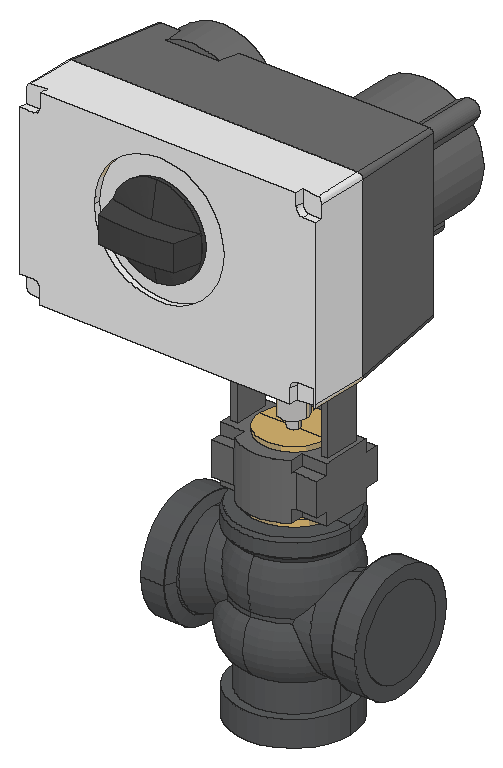
Revit family "VRG3_DN15-50_External_AMV(E) 438 SU_RFA_1", category Pipe Accessories, Revit 2019
Family settings
  Round Connector Dimension = Use Diameter
  Part Type = Valve - Breaks Into
  OmniClass Number = 23.65.55.14.17
  OmniClass Title = Adjusting/Controlling Valves for Liquid Services
  Work Plane-Based = No
  Always vertical = Yes
  Cut with Voids When Loaded = No
  Shared = No
Parameters (values of type "VRG3_DN32_External_Kvs16_065Z0118")
  W2A = 24 mm
  W = 137.6 mm  # constant formula
  Voltage = if(Actuator Type = [082H0123], 230 V, 24 V)  # 24 V
  RB2 = 29.8 mm
  RB1 = 25 mm
  R3_2 = 30 mm
  R1 = 29 mm
  R2 = 25 mm
  Power = if(Actuator Type = [082H0121], 14 VA, 12 VA)  # 12 VA
  L = 112 mm
  Hmain = 94.8 mm
  Ha = 225.5 mm
  H_5 = -18 mm
  Min Medium Temperature = "-10°C"  # constant formula
  Max Medium Temperature = "130°C"  # constant formula
  H_T2 = 5.5 mm
  H_T1 = 7 mm
  H_4 = 31 mm
  Weight = 1.82 kg
  W3B = 13 mm
  W3A = 10 mm
  W2 = 20 mm
  W1 = 28 mm
  Valve Body Material = Danfoss Cast Iron
  V1 = if(and(LOD 350, D > 32 mm), 1 = 1, 1 = 0)  # no
  URL = "https://store.danfoss.com/en/Climate-Solutions-for-heating/Motorised-Control-Valves-/Globe-Valves/Valves-for-Heating-and-Cooling/c/4105?q=%3Arelevance%3Adanfoss_a50461501115_fts%3ATA6_1501121%3Adanfoss_producttypehierarchydesc%3Afc3b1e427963a1d6e10ba9bf18226cf783d06cba&page=0&pageSize=10"
  H_6 = 9 mm
  L1 = 12 mm
  HB2 = 57.5 mm
  HB1 = 12 mm
  Stroke = "10 mm"
  R7 = 2.1 mm
  R4 = 3 mm
  R6 = 10.5 mm
  R5 = 12.5 mm
  R3 = 29 mm
  R_Flow Pipe = 23 mm
  Pressure Drop [instance] = 0.0 bar
  Nominal Pressure = "PN 16"  # constant formula
  NT = 11.25 mm
  Model Type = "VRG3_DN32_External_Kvs16"
  Model = "065Z0118"
  Manufacturer = "Danfoss"
  LOD 350 = not(LOD 200)  # yes
  LOD 200 = no
  LL = 56 mm
  Kvs = 16.0 m³/h
  IfcExportType = "VRG3"  # constant formula
  IfcExportAs = "IfcValveType"  # constant formula
  H_Body Bottom = 32 mm
  HT_Flow pipe = 6 mm
  H_2_ve = -H_2  # -23.5 mm
  H_2 = 23.5 mm
  H_Body Top = 30 mm
  HB_Flow Pipe = 6 mm
  H_3 = 25.5 mm
  H1 = HB2  # 57.5 mm
  H_1 = 41 mm
  H = Ha + H1  # 283 mm
  Flow [instance] = 0.0 m³/h
  Description = "Motorized Control Valve"  # constant formula
  D1 = 60 mm
  D4 = 48 mm
  D3 = 39.6 mm
  D2 = 33.6 mm
  D = 32 mm
  Connection = "External Thread"  # constant formula
  NT2 = 14.289 mm
  NT1 = NT * cos(30.00°)  # 9.743 mm
  Adapter Type = Adapter_AMV(E) 15(25)(35)_RFA : Adapter_AMV(E) 15(25)(35)_DN15-50_065Z0311
  Actuator Type = AMV(E) 438 SU_RFA : AMV 438 SU_24V_082H0122
  A2_Flow Pipe = 160.00°
  A1_Flow pipe = 160.00°
  082H0123 = AMV(E) 438 SU_RFA : AMV 438 SU_230V_082H0123
  082H0121 = AMV(E) 438 SU_RFA : AME 438 SU_24V_082H0121
Reference planes
  plane 1 "Center (Front/Back)": y = 0
  plane 2 "XYPLANE": z = 0
  plane 3 "Center (Left/Right)": x = 0
  plane 4 "429": x = 42
  plane 5 "428": x = 44
  plane 6 "382": z = 30
  plane 7 "373": z = 0
  plane 8 "351": y = 14.5
  plane 9 "350": y = -14.5
  plane 10 "346": y = 8.5
  plane 11 "345": y = 11.5
  plane 12 "344": y = 17.5
  plane 13 "343": y = 19
  plane 14 "342": y = -8.5
  plane 15 "341": y = -11.5
  plane 16 "340": y = -17.5
  plane 17 "339": y = -19
  plane 18 "311": z = 92
  plane 19 "308": z = 90
  plane 20 "305": z = 64.5
  plane 21 "301": z = 59
  plane 22 "299": z = 57
  plane 23 "296": z = 54
  plane 24 "293": z = 51
  plane 25 "290": z = 48
  plane 26 "285": z = 27
  plane 27 "283": z = 94.8
  plane 28 "280": z = 64.5
  plane 29 "277": z = 31
  plane 30 "270": z = 39
  plane 31 "268": x = -29
  plane 32 "232": z = 32
  plane 33 "183": y = -0.2
  plane 34 "88": y = -20
  plane 35 "77": y = 20
  plane 36 "73": x = -44
  plane 37 "59": z = 41
  plane 38 "17": z = 27.5
  plane 39 "14": x = 56
  plane 40 "13": x = -56
  plane 41 "4": x = 0
  plane 42 "3": y = 0
  plane 43 "1": z = 0
  plane 44: x = -42
  plane 45: z = 24
  plane 46: z = -24
  plane 47: z = -32
  plane 48: z = -44
  plane 49: z = -57.5
  plane 50: y = -66.1
  plane 51: y = 71.5
  plane 52: z = 225.5
Forms (mm)
  Blend 1, solid, material "Danfoss Cast Iron" <- "Valve Body Material", visible <- "LOD 350", detail levels fine
    base sketch origin (42, -750, 0) x (0, 1, 0) y (0, 0, 1)
      loop
        circle (750, 0) r 24
    top sketch origin (42, -750, 0) x (0, 1, 0) y (0, 0, 1)
      loop
        circle (750, 0) r 30
    from 0 to 2
  Blend 2, solid, material "Danfoss Cast Iron" <- "Valve Body Material", visible <- "LOD 350", detail levels fine
    base sketch origin (-44, -750, 0) x (0, 1, 0) y (0, 0, 1)
      loop
        circle (750, 0) r 30
    top sketch origin (-44, -750, 0) x (0, 1, 0) y (0, 0, 1)
      loop
        circle (750, 0) r 24
    from 0 to 2
  Extrusion 3, solid, material "Danfoss Brass", visible <- "V1", detail levels fine
    sketch origin (-750, 0, 41) x (1, 0, 0) y (0, 1, 0)
      loop
        line (766.5, 0) -> (758.25, 14.289) -> (741.75, 14.289) -> (733.5, 0) -> (741.75, -14.289) -> (758.25, -14.289) -> (766.5, 0)
    from 0 to 5
  Blend 4, solid, material "Danfoss Stainless Steel AISI 304 / AISI 316L", detail levels fine
    base sketch origin (-750, 0, 92) x (1, 0, 0) y (0, 1, 0)
      loop
        circle (750, 0) r 3
    top sketch origin (-750, 0, 92) x (1, 0, 0) y (0, 1, 0)
      loop
        circle (750, 0) r 2.1
    from 0 to 2.8
  Extrusion 5, solid, material "Danfoss Stainless Steel AISI 304 / AISI 316L", detail levels fine
    sketch origin (-750, 0, 90) x (1, 0, 0) y (0, 1, 0)
      loop
        circle (750, 0) r 2.1
    from 0 to 2
  Extrusion 6, solid, material "Danfoss Stainless Steel AISI 304 / AISI 316L", detail levels fine
    sketch origin (-750, 0, 64.5) x (1, 0, 0) y (0, 1, 0)
      loop
        circle (750, 0) r 3
    from 0 to 25.5 <- "H_3"
  Extrusion 7, solid, material "Danfoss Brass", visible <- "LOD 350", detail levels fine
    sketch origin (-750, 0, 59) x (1, 0, 0) y (0, 1, 0)
      loop
        line (761.25, 0) -> (755.625, 9.743) -> (744.375, 9.743) -> (738.75, 0) -> (744.375, -9.743) -> (755.625, -9.743) -> (761.25, 0)
    from 0 to 5.5 <- "H_T2"
  Extrusion 8, solid, material "Danfoss Brass", visible <- "LOD 350", detail levels fine
    sketch origin (-750, 0, 57) x (1, 0, 0) y (0, 1, 0)
      loop
        circle (750, 0) r 12.5
    from 0 to 2
  Extrusion 9, solid, material "Danfoss Brass", visible <- "LOD 350", detail levels fine
    sketch origin (-750, 0, 54) x (1, 0, 0) y (0, 1, 0)
      loop
        circle (750, 0) r 10.5
    from 0 to 3
  Extrusion 10, solid, material "Danfoss Brass", visible <- "LOD 350", detail levels fine
    sketch origin (-750, 0, 51) x (1, 0, 0) y (0, 1, 0)
      loop
        circle (750, 0) r 12.5
    from 0 to 3
  Extrusion 11, solid, material "Danfoss Brass", visible <- "LOD 350", detail levels fine
    sketch origin (-750, 0, 48) x (1, 0, 0) y (0, 1, 0)
      loop
        circle (750, 0) r 10.5
    from 0 to 3
  Extrusion 12, solid, material "Danfoss Brass", visible <- "LOD 350", detail levels fine
    sketch origin (-750, 0, 41) x (1, 0, 0) y (0, 1, 0)
      loop
        circle (750, 0) r 12.5
    from 0 to 7 <- "H_T1"
  Extrusion 13, solid, material "Danfoss Brass", visible <- "LOD 200", detail levels fine
    sketch origin (-750, 0, 64.5) x (1, 0, 0) y (0, 1, 0)
      loop
        circle (750, 0) r 12.5
    from 0 to -23.5 <- "H_2_ve"
  Revolve 14, solid, material "Danfoss Cast Iron" <- "Valve Body Material", visible <- "LOD 350", detail levels fine
    sketch origin (-16.5, 0, 31) x (0, 0, 1) y (1, 0, 0)
      loop
        line (10, 16.5) -> (0, 16.5) -> (0, -12.5) -> (1, -13.5) -> (8, -13.5) -> (10, -12.5) -> (10, 16.5)
      axis (10, 16.5) -> (0, 16.5)
    angle from 0 to -360
  Extrusion 15, solid, material "Danfoss Cast Iron" <- "Valve Body Material", visible <- "LOD 200", detail levels fine
    sketch origin (-44, -750, 0) x (0, 1, 0) y (0, 0, 1)
      loop
        circle (750, 0) r 24
    from 0 to 88
  Revolve 16, solid, material "Danfoss Cast Iron" <- "Valve Body Material", detail levels fine
    sketch origin (0, -0.2, 18.55) x (0, -1, 0) y (0, 0, 1)
      loop
        line (-0.2, 11.45) -> (-0.2, -50.55) -> (19.8, -50.55)
        arc (19.8, -50.55) -> (32.202, -36.65) -> (27.8, -18.55) r 20.034
        line (27.8, -18.55) -> (27.8, -16.334)
        arc (27.8, -16.334) -> (29.513, -1.907) -> (23.8, 11.45) r 28.131
        line (23.8, 11.45) -> (-0.2, 11.45)
      axis (-0.2, -50.55) -> (-0.2, 11.45)
    angle from 0 to -360
  Extrusion 17, solid, material "Danfoss Cast Iron" <- "Valve Body Material", detail levels fine
    sketch origin (56, -750, 0) x (0, 1, 0) y (0, 0, 1)
      loop
        circle (750, 0) r 30
    from 0 to -12
  Extrusion 18, solid, material "Danfoss Cast Iron" <- "Valve Body Material", detail levels fine
    sketch origin (-56, -750, 0) x (0, 1, 0) y (0, 0, 1)
      loop
        circle (750, 0) r 30
    from 0 to 12
  Sweep 19, solid, material "Danfoss Cast Iron" <- "Valve Body Material", visible <- "LOD 350", detail levels fine
    path origin (-16.5, 0, 31) x (0, 0, 1) y (1, 0, 0)
      loop
        line (-31, -39.5) -> (-31, -27.5) -> (-25, -11.015) -> (-25, 16.5)
    profile origin (-50, 0, 0) x (0, 0, -1) y (0, 1, 0)
      loop
        circle (0, 0) r 23
  Sweep 20, solid, material "Danfoss Cast Iron" <- "Valve Body Material", visible <- "LOD 350", detail levels fine
    path origin (-16.5, 0, 31) x (0, 0, 1) y (1, 0, 0)
      loop
        line (-31, 72.5) -> (-31, 60.5) -> (-37, 44.015) -> (-37, 16.5)
    profile origin (50, 0, 0) x (0, 0, 1) y (0, 1, 0)
      loop
        circle (0, 0) r 23
  Blend 21, solid, material "Danfoss Cast Iron" <- "Valve Body Material", visible <- "LOD 350", detail levels fine
    base sketch origin (0, 0, 0) x (1, 0, 0) y (0, 1, 0)
      loop
        circle (0, 0) r 25
    top sketch origin (0, 0, 0) x (1, 0, 0) y (0, 1, 0)
      loop
        circle (0, 0) r 29
    from 27 to 31
  Extrusion 22, solid, material "Danfoss Cast Iron" <- "Valve Body Material", visible <- "LOD 200", detail levels fine
    sketch origin (0, 0, 0) x (1, 0, 0) y (0, 1, 0)
      loop
        circle (0, 0) r 30
    from 24 to 41
  Extrusion 23, solid, material "Danfoss Cast Iron", detail levels fine
    sketch origin (0, 0, 0) x (1, 0, 0) y (0, 1, 0)
      loop
        circle (0, 0) r 25
    from -24 to -44
  Extrusion 24, solid, material "Danfoss Cast Iron", detail levels fine
    sketch origin (0, 0, 0) x (1, 0, 0) y (0, 1, 0)
      loop
        circle (0, 0) r 29.8
    from -44 to -57.5
  Extrusion 25, solid, material "Danfoss Cast Iron", detail levels fine
    sketch origin (0, 0, 0) x (1, 0, 0) y (0, 1, 0)
      loop
        circle (0, 0) r 25
    from 27 to 0
Lines and regions (mm)
  reference lines, not visible
    curve 1: circle (2, 2, 0) r 1 normal (0, 0, 1)
  reference lines, visible <- "LOD 350"
    curve 2: line (0, 0, 41) -> (-4.125, 7.145, 41)
    curve 3: line (0, 0, 41) -> (-8.25, 0, 41)
    curve 4: line (0, 0, 41) -> (-4.125, -7.145, 41)
    curve 5: line (0, 0, 59) -> (-2.813, 4.871, 59)
    curve 6: line (0, 0, 59) -> (-5.625, 0, 59)
    curve 7: line (0, 0, 59) -> (-2.812, -4.871, 59)
Dimensions and locks
  plane 1 "Center (Front/Back)" to curve 1 = 2 mm
  locked: plane 5 "428" to plane 4 "429" at 2
  "L1": plane 39 "14" to plane 5 "428"
  locked: plane 12 "344" to plane 8 "351" at 3
  locked: plane 16 "340" to plane 9 "350" at 3
  locked: plane 11 "345" to plane 10 "346" at 3
  locked: plane 8 "351" to plane 11 "345" at 3
  locked: plane 13 "343" to plane 12 "344" at 1.5
  locked: plane 35 "77" to plane 13 "343" at 1
  locked: plane 15 "341" to plane 14 "342" at 3
  locked: plane 9 "350" to plane 15 "341" at 3
  locked: plane 17 "339" to plane 16 "340" at 1.5
  locked: plane 34 "88" to plane 17 "339" at 1
  locked: plane 19 "308" to plane 18 "311" at 2
  "H_3": plane 20 "305" to plane 19 "308"
  "H_T2": plane 21 "301" to plane 20 "305"
  locked: plane 22 "299" to plane 21 "301" at 2
  locked: plane 23 "296" to plane 22 "299" at 3
  locked: plane 24 "293" to plane 23 "296" at 3
  locked: plane 25 "290" to plane 24 "293" at 3
  "H_T1": plane 37 "59" to plane 25 "290"
  locked: plane 29 "277" to plane 26 "285" at 4
  "H_2": plane 37 "59" to plane 28 "280"
  locked: plane 37 "59" to plane 30 "270" at 2
  "R3": plane 41 "4" to plane 31 "268"
  "H_6": plane 37 "59" to plane 32 "232"
  locked: plane 42 "3" to plane 33 "183" at 0.2
  "W2": plane 42 "3" to plane 34 "88"
  "W2": plane 42 "3" to plane 35 "77"
  "L1": plane 40 "13" to plane 36 "73"
  "H_1": plane 43 "1" to plane 37 "59"
  "LL": plane 41 "4" to plane 39 "14"
  "LL": plane 41 "4" to plane 40 "13"
  locked: plane 3 "Center (Left/Right)" to plane 41 "4"
  locked: plane 1 "Center (Front/Back)" to plane 42 "3"
  locked: plane 2 "XYPLANE" to plane 43 "1"
  "NT2": curve 2 to Extrusion 3 sketch curve  (x2)
  "NT2": curve 3 to Extrusion 3 sketch curve  (x2)
  "NT2": curve 4 to Extrusion 3 sketch curve  (x2)
  Extrusion 3 sketch curve to Extrusion 3 sketch curve = 0 mm  (x12)
  "NT1": curve 5 to Extrusion 7 sketch curve  (x2)
  "NT1": curve 6 to Extrusion 7 sketch curve  (x2)
  "NT1": curve 7 to Extrusion 7 sketch curve  (x2)
  Extrusion 7 sketch curve to Extrusion 7 sketch curve = 0 mm  (x12)
  Revolve 14 sketch curve to Revolve 14 sketch curve = 0 mm  (x6)
  "H_4": plane 29 "277" to level
  Revolve 16 sketch curve to Revolve 16 sketch curve = 2.216 mm
  "H_Body Top": plane 6 "382" to level
  "W1": plane 1 "Center (Front/Back)" to Revolve 16 sketch curve
  plane 39 "14" to plane 40 "13" = 112 mm
  "W3B": plane 34 "88" to Revolve 16 sketch curve
  "H_Body Bottom": level to Revolve 16 sketch curve
  locked: plane 36 "73" to plane 44 at 2
  plane 13 "343" to plane 17 "339" = 38 mm
  "HT_Flow pipe": Sweep 19 sketch curve to Sweep 19 sketch curve
  "HB_Flow Pipe": Sweep 20 sketch curve to Sweep 20 sketch curve
  Revolve 14 sketch curve to plane 31 "268" = 0 mm
  "W2A": plane 1 "Center (Front/Back)" to Revolve 16 sketch curve
  "W3A": plane 34 "88" to Revolve 16 sketch curve
  equal spacing: plane 45, level, plane 46
  "D4": plane 45 to plane 46
  "H_Body Bottom": level to plane 47
  "HB1": plane 47 to plane 48
  "HB2": level to plane 49
  plane 1 "Center (Front/Back)" to Revolve 16 sketch curve = 33 mm
  locked: nested 2 to plane 37 "59" at 1.3
  locked: nested 3 to plane 37 "59" at 4.5
  locked: plane 50 to plane 1 "Center (Front/Back)" at 66.1
  "W": plane 50 to plane 51
  "H": plane 52 to plane 49
  "Hmain": plane 27 "283" to level
  "Ha": plane 52 to plane 43 "1"
  "D1": diameter of Blend 1 sketch curve
  "D4": diameter of Blend 1 sketch curve
  "D4": diameter of Blend 2 sketch curve
  "D1": diameter of Blend 2 sketch curve
  "R7": radius of Blend 4 sketch curve
  "R4": radius of Blend 4 sketch curve
  "R7": radius of Extrusion 5 sketch curve
  "R4": radius of Extrusion 6 sketch curve
  "R5": radius of Extrusion 8 sketch curve
  "R6": radius of Extrusion 9 sketch curve
  "R5": radius of Extrusion 10 sketch curve
  "R6": radius of Extrusion 11 sketch curve
  "R5": radius of Extrusion 12 sketch curve
  "R5": radius of Extrusion 13 sketch curve
  "D4": diameter of Extrusion 15 sketch curve
  "D1": diameter of Extrusion 17 sketch curve
  "D1": diameter of Extrusion 18 sketch curve
  "R_Flow Pipe": radius of Sweep 19 sketch curve
  "R_Flow Pipe": radius of Sweep 20 sketch curve
  "R2": radius of Blend 21 sketch curve
  "R1": radius of Blend 21 sketch curve
  "R3_2": radius of Extrusion 22 sketch curve
  "RB1": radius of Extrusion 23 sketch curve
  "RB2": radius of Extrusion 24 sketch curve
  "R2": radius of Extrusion 25 sketch curve
  locked: curve 3 to curve 2 (angle 60.00°)
  locked: curve 4 to curve 3 (angle 60.00°)
  locked: curve 4 to curve 2 (angle 120.00°)
  locked: curve 6 to curve 5 (angle 60.00°)
  locked: curve 7 to curve 6 (angle 60.00°)
  locked: curve 7 to curve 5 (angle 120.00°)
  "A1_Flow pipe": angle Sweep 19 sketch curve to level
  "A2_Flow Pipe": angle Sweep 20 sketch curve to level
  aligned and locked: level to plane 2 "XYPLANE"
  aligned and locked: Blend 1 sketch curve to plane 42 "3"  (x2)
  aligned and locked: plane 43 "1" to Blend 1 sketch curve  (x2)
  aligned and locked: plane 5 "428" to Blend 1
  aligned and locked: Blend 2 sketch curve to plane 42 "3"  (x2)
  aligned and locked: plane 43 "1" to Blend 2 sketch curve  (x2)
  aligned and locked: plane 41 "4" to curve 4
  aligned and locked: plane 42 "3" to curve 4
  aligned and locked: plane 41 "4" to Blend 4 sketch curve  (x2)
  aligned and locked: plane 42 "3" to Blend 4 sketch curve  (x2)
  aligned and locked: plane 27 "283" to Blend 4
  aligned and locked: plane 41 "4" to Extrusion 5 sketch curve
  aligned and locked: plane 42 "3" to Extrusion 5 sketch curve
  aligned and locked: plane 41 "4" to Extrusion 6 sketch curve
  aligned and locked: plane 42 "3" to Extrusion 6 sketch curve
  aligned and locked: plane 41 "4" to curve 7
  aligned and locked: plane 42 "3" to curve 7
  aligned and locked: plane 41 "4" to Extrusion 8 sketch curve
  aligned and locked: plane 42 "3" to Extrusion 8 sketch curve
  aligned and locked: plane 41 "4" to Extrusion 9 sketch curve
  aligned and locked: plane 42 "3" to Extrusion 9 sketch curve
  aligned and locked: plane 41 "4" to Extrusion 10 sketch curve
  aligned and locked: plane 42 "3" to Extrusion 10 sketch curve
  aligned and locked: plane 41 "4" to Extrusion 11 sketch curve
  aligned and locked: plane 42 "3" to Extrusion 11 sketch curve
  aligned and locked: plane 41 "4" to Extrusion 12 sketch curve
  aligned and locked: plane 42 "3" to Extrusion 12 sketch curve
  aligned and locked: plane 41 "4" to Extrusion 13 sketch curve
  aligned and locked: plane 42 "3" to Extrusion 13 sketch curve
  aligned and locked: plane 37 "59" to Revolve 14 sketch curve  (x2)
  aligned and locked: plane 31 "268" to Revolve 14 sketch curve
  aligned and locked: plane 30 "270" to Revolve 14 sketch curve
  aligned and locked: plane 32 "232" to Revolve 14 sketch curve
  aligned and locked: plane 29 "277" to Revolve 14 sketch curve  (x2)
  aligned and locked: Extrusion 15 sketch curve to plane 42 "3"
  aligned and locked: plane 43 "1" to Extrusion 15 sketch curve
  aligned and locked: Revolve 16 sketch curve to plane 34 "88"
  aligned and locked: plane 43 "1" to Revolve 16 sketch curve
  aligned and locked: Extrusion 17 sketch curve to plane 42 "3"
  aligned and locked: plane 43 "1" to Extrusion 17 sketch curve
  aligned and locked: Extrusion 18 sketch curve to plane 42 "3"
  aligned and locked: plane 43 "1" to Extrusion 18 sketch curve
  aligned and locked: plane 6 "382" to Revolve 16 sketch curve
  aligned and locked: Sweep 19 sketch curve to level
  aligned and locked: level to Sweep 19 sketch curve
  aligned and locked: plane 1 "Center (Front/Back)" to Sweep 19 sketch curve
  aligned and locked: level to Sweep 20 sketch curve  (x2)
  aligned and locked: plane 1 "Center (Front/Back)" to Sweep 20 sketch curve
  aligned and locked: plane 20 "305" to Extrusion 13
  aligned and locked: plane 3 "Center (Left/Right)" to Revolve 14 sketch curve
  aligned and locked: Revolve 14 sketch curve to Revolve 14 sketch curve
  aligned and locked: Extrusion 17 to plane 5 "428"
  aligned and locked: plane 36 "73" to Extrusion 18
  aligned and locked: plane 3 "Center (Left/Right)" to Blend 21 sketch curve
  aligned and locked: plane 42 "3" to Blend 21 sketch curve  (x2)
  aligned and locked: plane 41 "4" to Blend 21 sketch curve
  aligned and locked: Blend 21 to plane 26 "285"
  aligned and locked: plane 41 "4" to Extrusion 22 sketch curve
  aligned and locked: plane 42 "3" to Extrusion 22 sketch curve
  aligned and locked: plane 37 "59" to Extrusion 22
  aligned and locked: plane 29 "277" to Blend 21
  aligned and locked: Extrusion 15 to plane 5 "428"
  aligned and locked: Extrusion 22 to plane 45
  aligned and locked: plane 41 "4" to Extrusion 23 sketch curve
  aligned and locked: plane 1 "Center (Front/Back)" to Extrusion 23 sketch curve
  aligned and locked: plane 46 to Extrusion 23
  aligned and locked: Extrusion 23 to plane 48
  aligned and locked: plane 3 "Center (Left/Right)" to Extrusion 24 sketch curve
  aligned and locked: plane 1 "Center (Front/Back)" to Extrusion 24 sketch curve
  aligned and locked: Extrusion 24 to plane 49
  aligned and locked: plane 48 to Extrusion 24
  aligned and locked: plane 1 "Center (Front/Back)" to Extrusion 25 sketch curve
  aligned and locked: plane 3 "Center (Left/Right)" to Extrusion 25 sketch curve
  aligned and locked: Extrusion 25 to level
  aligned and locked: plane 26 "285" to Extrusion 25
  aligned and locked: nested 1 to plane 40 "13"
  aligned and locked: plane 1 "Center (Front/Back)" to nested 1
  aligned and locked: plane 3 "Center (Left/Right)" to nested 1
  aligned and locked: Revolve 16 sketch curve to plane 1 "Center (Front/Back)"
  aligned and locked: plane 3 "Center (Left/Right)" to nested 2
  aligned and locked: plane 1 "Center (Front/Back)" to nested 2
  aligned and locked: plane 41 "4" to nested 3
  aligned and locked: plane 1 "Center (Front/Back)" to nested 3
Automatic sketch dimensions
  plane 3 "Center (Left/Right)" to curve 1 = 2 mm
  Revolve 14 sketch curve to plane 31 "268" = 1 mm
  Revolve 14 sketch curve to plane 37 "59" = 0 mm
  Revolve 16 sketch curve to plane 1 "Center (Front/Back)" = 0 mm
  Revolve 16 sketch curve to plane 49 = 159 mm
  plane 52 to Revolve 16 sketch curve = 35 mm
  Sweep 19 sketch curve to plane 40 "13" = 0 mm
  Sweep 19 sketch curve to plane 36 "73" = 0 mm
  Sweep 19 sketch curve to plane 3 "Center (Left/Right)" = 0 mm
  Sweep 20 sketch curve to plane 3 "Center (Left/Right)" = 0 mm
  Sweep 20 sketch curve to plane 5 "428" = 0 mm
  Sweep 20 sketch curve to plane 39 "14" = 0 mm
  radius of curve 1 = 1 mm
Nested families
  nested 1: "Schematic_3-Way Valve" at (0, 0, 0), type "Schematic_3-Way Valve", detail levels coarse+medium
    with L_1 37.333 mm, L 112 mm, H1 57.5 mm, H 112 mm, D1 60 mm
  nested 2: "Adapter_AMV(E) 15(25)(35)_RFA" at (0, 0, 42.3), type <- "Adapter Type", type "Adapter_AMV(E) 15(25)(35)_DN15-50_065Z0311", detail levels fine
  nested 3: "AMV(E) 438 SU_RFA" at (0, 0, 45.5), LOD 200 <- "LOD 200", type <- "Actuator Type", Power <- "Power", Voltage <- "Voltage", type "AMV 438 SU_24V_082H0122", detail levels fine
    with Voltage 24 V, Power 12 VA, LOD 350 yes, LOD 200 no
Connectors
  piping at (56, 0, 0), diameter 32, driven by "D", driven by "Flow"
    settings: on Sweep 20, index 4, connector inside diameter 609.6 mm, connector length 0 mm, flow factor 0, pipe flow 0.0 m³/h, pressure drop 0.0 bar, fitting loss kfactor 0, connector angle 0.00°, fixture units 0, engagement length 0 mm, angle of deflection 0.00°, flow configuration 0, flow direction 0, fitting loss method 0, system type 29, joint type 0, gender type 0, connector reference index 5, connector utility 0, adjustable connector no, is connector primary no, connector description ""
  piping at (-56, 0, 0), diameter 32, driven by "D", driven by "Flow"
    settings: on Sweep 19, index 5, connector inside diameter 609.6 mm, connector length 0 mm, flow factor 0, pipe flow 0.0 m³/h, pressure drop 0.0 bar, fitting loss kfactor 0, connector angle 0.00°, fixture units 0, engagement length 0 mm, angle of deflection 0.00°, flow configuration 0, flow direction 0, fitting loss method 0, system type 29, joint type 0, gender type 0, connector reference index 4, connector utility 0, adjustable connector no, is connector primary yes, connector description ""
  piping at (0, 0, -57.5), diameter 32, driven by "Flow", driven by "D"
    settings: on Extrusion 24, index 6, connector inside diameter 609.6 mm, connector length 0 mm, flow factor 0, pipe flow 0.0 m³/h, pressure drop 0.0 bar, fitting loss kfactor 0, connector angle 0.00°, fixture units 0, engagement length 0 mm, angle of deflection 0.00°, flow configuration 0, flow direction 0, fitting loss method 0, system type 29, joint type 0, gender type 0, connector reference index -1, connector utility 0, adjustable connector no, is connector primary no, connector description ""
  electrical at (0, 0, 0), driven by "Voltage", driven by "Power"
    settings: index 18, voltage 24 V, apparent load 0 VA, apparent load phase1 12 VA, apparent load phase2 0 VA, apparent load phase3 0 VA, power factor 0.95, load classification "HVAC", number of poles 1, system type 31, power factor state 1, is connector primary yes, connector utility no, sub classification motor no, connector description ""
Definition of nested family "Adapter_AMV(E) 15(25)(35)_RFA"
  Parameters (values of type "Adapter_AMV(E) 25_DN40-100_003Z0694")
    W = 45 mm
    URL = "https://store.danfoss.com/en/Climate-Solutions-for-heating/Hydronic-Balancing-and-Control/Pressure-independent-balancing-and-control/Pressure-Independent-Control-Valves-%28PICV%29/AB-QM-Accessories/Adapter-AMV-E-25-DN-40---100/p/003Z0694"
    Model Type = "Adapter_AMV(E) 25_DN40-100"
    Model = "003Z0694"
    Manufacturer = "Danfoss"  # constant formula
    L = 45 mm
    IfcExportType = "Adapter"  # constant formula
    IfcExportAs = "IfcValveType"  # constant formula
    H2 = 20 mm
    H1 = 20 mm
    H = 54.7 mm
    Description = "Adapter"  # constant formula
  Types (2, lengths in mm): name | URL | Model Type | Model | H2 | H1 | H
    Adapter_AMV(E) 25_DN40-100_003Z0694 | "https://store.danfoss.com/en/Climate-Solutions-for-heating/Hydronic-Balancing-and-Control/Pressure-independent-balancing-and-control/Pressure-Independent-Control-Valves-%28PICV%29/AB-QM-Accessories/Adapter-AMV-E-25-DN-40---100/p/003Z0694" | "Adapter_AMV(E) 25_DN40-100" | "003Z0694" | 20 | 20 | 54.7
    Adapter_AMV(E) 15(25)(35)_DN15-50_065Z0311 | "https://store.danfoss.com/en/Climate-Solutions-for-heating/Motorised-Control-Valves/Actuators-for-Globe-Valves/Accessories-for-actuators/AdapAMx15-16-25-35-VRB-G%2CVF-L2009dn15-50/p/065Z0311" | "Adapter_AMV(E) 15(25)(35)_DN15-50" | "065Z0311" | 28 | 34 | 69
  Reference planes
    plane 1 "Center (Front/Back)": y = 0
    plane 2: z = 0
    plane 3 "Center (Left/Right)": x = 0
    plane 4: z = 54.7
    plane 5: x = -22.5
    plane 6: x = 22.5
    plane 7: z = 34.7
    plane 8: z = 34.7
  Forms (mm)
    Revolve 1, solid
      sketch origin (0, 0, 0) x (1, 0, 0) y (0, 0, 1)
        loop
          line (0, 34.7) -> (-17.5, 34.7) -> (-17.5, 29.396) -> (-14.5, 18.2) -> (-17.5, 18.2) -> (-17.5, 3.2) -> (-22.5, 3.2) -> (-22.5, 0) -> (0, 0) -> (0, 34.7)
        axis (0, 34.7) -> (0, 0)
      angle from 0 to 360
    Revolve 2, solid
      sketch origin (0, 0, 0) x (1, 0, 0) y (0, 0, 1)
        loop
          line (0, 54.7) -> (-3, 54.7) -> (-3, 52.7) -> (-2, 52.7) -> (-2, 48.7) -> (-4, 45.844) -> (-4, 41.2) -> (-7, 41.2) -> (-7, 34.7) -> (0, 34.7) -> (0, 54.7)
        axis (0, 54.7) -> (0, 34.7)
      angle from 0 to 360
  Dimensions and locks
    equal spacing: plane 6, plane 3 "Center (Left/Right)", plane 5
    "L": plane 6 to plane 5
    "H": plane 4 to plane 2
    plane 3 "Center (Left/Right)" to Revolve 1 sketch curve = 17.5 mm
    Revolve 1 sketch curve to Revolve 1 sketch curve = 3.2 mm
    "H1": plane 4 to plane 7
    "H2": plane 4 to plane 8
    aligned and locked: level to plane 2
    aligned and locked: Revolve 1 sketch curve to plane 3 "Center (Left/Right)"
    aligned and locked: Revolve 1 sketch curve to plane 5
    aligned and locked: Revolve 1 sketch curve to plane 2
    aligned and locked: Revolve 1 sketch curve to Revolve 1 sketch curve
    aligned and locked: Revolve 2 sketch curve to plane 3 "Center (Left/Right)"
    aligned and locked: Revolve 2 sketch curve to plane 4
    aligned and locked: Revolve 2 sketch curve to Revolve 2 sketch curve
    aligned and locked: Revolve 1 sketch curve to plane 7
    aligned and locked: Revolve 2 sketch curve to plane 8
  Automatic sketch dimensions
    Revolve 1 sketch curve to level = 0 mm
    plane 5 to Revolve 1 sketch curve = 5 mm
    Revolve 1 sketch curve to Revolve 1 sketch curve = 3 mm
    Revolve 1 sketch curve to Revolve 1 sketch curve = 15 mm
    Revolve 1 sketch curve to Revolve 1 sketch curve = 5.304 mm
    Revolve 2 sketch curve to plane 4 = 0 mm
    Revolve 2 sketch curve to plane 3 "Center (Left/Right)" = 2 mm
    Revolve 2 sketch curve to Revolve 2 sketch curve = 1 mm
    Revolve 2 sketch curve to plane 3 "Center (Left/Right)" = 4 mm
    Revolve 2 sketch curve to Revolve 2 sketch curve = 7 mm
    Revolve 2 sketch curve to Revolve 2 sketch curve = 4.644 mm
    Revolve 2 sketch curve to Revolve 2 sketch curve = 2.856 mm
    Revolve 2 sketch curve to plane 4 = 2 mm
    Revolve 2 sketch curve to Revolve 2 sketch curve = 4 mm
    Revolve 1 sketch curve to plane 7 = 0 mm
    plane 7 to Revolve 2 sketch curve = 2 mm
Definition of nested family "AMV(E) 438 SU_RFA"
  Parameters (values of type "AME 438 SU_24V_082H0121")
    Weight = 2.30 kg  # constant formula
    W [instance] = 137.6 mm
    Voltage [instance] = 24 V
    URL = "https://store.danfoss.com/en/Climate-Solutions-for-heating/Motorised-Control-Valves/Actuators-for-Globe-Valves/Actuators-With-Safety-Function/c/4110?q=%3Arelevance%3Adanfoss_producttypehierarchydesc%3AAME+438+SU%3Adanfoss_producttypehierarchydesc%3AAMV+438+SU&text="
    Speed = "15 s/mm"  # constant formula
    Safety Function = "Spring Up"  # constant formula
    Power [instance] = 14 VA
    Output Signal = "0-10 V"
    Model Type = "AME 438 SU_24V"
    Model = "082H0121"
    Min Ambient Temperature = "0 °C"  # constant formula
    Max Stroke = 15 mm  # constant formula
    Max Medium Temperature = "150 °C"  # constant formula
    Max Ambient Temperature = "55 °C"  # constant formula
    Manufacturer = "Danfoss"  # constant formula
    LOD 350 [instance] = not(LOD 200)  # yes
    LOD 200 [instance] = no
    L [instance] = 155 mm
    IfcExportType = "AME 438 SU"
    IfcExportAs = "IfcActuatorType"  # constant formula
    H [instance] = 180 mm
    Description = "Gear Actuator"  # constant formula
    Control Input Signal = "0-10 V / 0-20 mA"
    Closing Force = "450 N"  # constant formula
    Body Material = none
  Types (4, lengths in mm): name | Voltage | Power | Output Signal | Model Type | Model | IfcExportType | Control Input Signal
    (no name) | 24 V | 14 VA | "0-10 V" | "AME 438 SU_24V" | "082H0121" | "AME 438 SU" | "0-10 V / 0-20 mA"
    AMV 438 SU_24V_082H0122 | 24 V | 12 VA | "End-position feedback" | "AMV 438 SU_24V" | "082H0122" | "AMV 438 SU" | "3-point"
    AME 438 SU_24V_082H0121 | 24 V | 14 VA | "0-10 V" | "AME 438 SU_24V" | "082H0121" | "AME 438 SU" | "0-10 V / 0-20 mA"
    AMV 438 SU_230V_082H0123 | 230 V | 12 VA | "End-position feedback" | "AMV 438 SU_230V" | "082H0123" | "AMV 438 SU" | "3-point"
  Reference planes
    plane 1 "Center (Front/Back)": y = 0
    plane 2: z = 0
    plane 3 "Center (Left/Right)": x = 0
    plane 4: z = 180
    plane 5: x = 28
    plane 6 "1": x = -28
    plane 7: x = 51
    plane 8: x = -104
    plane 9: z = 74
    plane 10: z = 29.5
    plane 11: y = 71.5
    plane 12: y = -66.1
    plane 13: y = -54
    plane 14: y = 34
    plane 15: y = 23
    plane 16: y = -23
    plane 17: x = 22
    plane 18: x = -22
    plane 19: x = 46
    plane 20: x = -99
    plane 21: z = 79
    plane 22: z = 175
    plane 23: z = 176
    plane 24: z = 78
    plane 25: y = -49
    plane 26: z = 173.2
    plane 27: z = 80.8
    plane 28: z = 134.5
    plane 29 "2": x = -31
    plane 30: x = -97
    plane 31: x = 44
    plane 32: x = -71.6
    plane 33: x = 11
    plane 34: y = -18.5
  Forms (mm)
    Extrusion 1, solid, material <- "Body Material", visible <- "LOD 350", detail levels fine
      sketch origin (0, 0, 0) x (1, 0, 0) y (0, 1, 0)
        loop
          arc (-16.248, -19) -> (0, -25) -> (16.248, -19) r 25
          line (16.248, -19) -> (27.62, -19) -> (27.62, 20) -> (15, 20)
          arc (15, 20) -> (0, 25) -> (-15, 20) r 25
          line (-15, 20) -> (-27.62, 20) -> (-27.62, -19) -> (-16.248, -19)
      from 0 to 29.5
    Extrusion 2, solid, material <- "Body Material", visible <- "LOD 350", detail levels fine
      sketch origin (0, 0, 0) x (1, 0, 0) y (0, 0, 1)
        loop
          line (22, 66.67) -> (22, 29.5) -> (25.4, 29.5) -> (25.4, 66.67) -> (22, 66.67)
      from -9 to 9
    Extrusion 3, solid, material <- "Body Material", visible <- "LOD 350", detail levels fine
      sketch origin (0, 0, 0) x (-1, 0, 0) y (0, 0, -1)
        loop
          line (22, -66.67) -> (25.4, -66.67) -> (25.4, -29.5) -> (22, -29.5) -> (22, -66.67)
      from -9 to 9
    Blend 4, solid, visible <- "LOD 350", detail levels fine
      base sketch origin (0, 0, 0) x (1, 0, 0) y (0, 0, 1)
        loop
          line (51, 80.879) -> (51, 173.2)
          arc (51, 173.2) -> (50.295, 175.174) -> (48.5, 176.255) r 3.117
          arc (48.5, 176.255) -> (-26.5, 180.013) -> (-101.5, 176.255) r 750.263
          arc (-101.5, 176.255) -> (-103.295, 175.174) -> (-104, 173.2) r 3.117
          line (-104, 173.2) -> (-104, 80.8)
          arc (-104, 80.8) -> (-103.295, 78.826) -> (-101.5, 77.745) r 3.117
          arc (-101.5, 77.745) -> (-26.535, 73.991) -> (48.429, 77.738) r 751.077
          arc (48.429, 77.738) -> (50.275, 78.849) -> (51, 80.879) r 3.204
      top sketch origin (0, 0, 0) x (1, 0, 0) y (0, 0, 1)
        loop
          line (-104, 173.2) -> (-104, 80.8)
          arc (-104, 80.8) -> (-103.295, 78.826) -> (-101.5, 77.745) r 3.117
          arc (-101.5, 77.745) -> (-26.535, 73.991) -> (48.429, 77.738) r 751.077
          arc (48.429, 77.738) -> (50.275, 78.849) -> (51, 80.879) r 3.204
          line (51, 80.879) -> (51, 173.2)
          arc (51, 173.2) -> (50.295, 175.174) -> (48.5, 176.255) r 3.117
          arc (48.5, 176.255) -> (-26.5, 180.013) -> (-101.5, 176.255) r 750.263
          arc (-101.5, 176.255) -> (-103.295, 175.174) -> (-104, 173.2) r 3.117
      from 18.5 to 49
    Revolve 5, solid, visible <- "LOD 350", detail levels fine
      sketch origin (-31, 0, 0) x (0, 0, 1) y (0, -1, 0)
        loop
          line (158.578, 49) -> (158.578, 50.625) -> (140.681, 54) -> (134.5, 54) -> (134.5, 49) -> (158.578, 49)
        axis (134.5, 49) -> (134.5, 54)
      angle from 0 to 360
    Extrusion 6, solid, visible <- "LOD 350", detail levels fine
      sketch origin (0, 4.396, 0) x (1, 0, 0) y (0, 1, 0)
        loop
          arc (-50.517, -68.508) -> (-30.981, -70.634) -> (-11.456, -68.408) r 88.747
          line (-11.456, -68.408) -> (-7.869, -55.021)
          arc (-7.869, -55.021) -> (-31, -58.764) -> (-54.131, -55.021) r 73.346
          line (-54.131, -55.021) -> (-50.517, -68.508)
      from 127.697 to 141.4
    Extrusion 7, void
      sketch origin (0, 0, 0) x (1, 0, 0) y (0, 0, 1)
        loop
          circle (-31, 134.5) r 34.064
      from 46 to 49
    Extrusion 8, void
      sketch origin (0, 0, 0) x (1, 0, 0) y (0, 0, 1)
        loop
          line (-105.641, 75.49) -> (-93.5, 75.49) -> (-93.5, 84.02)
          arc (-93.5, 84.02) -> (-94.489, 86.765) -> (-97, 88.25) r 4.307
          line (-97, 88.25) -> (-105.641, 88.25) -> (-105.641, 75.49)
        loop
          line (49.641, 75.49) -> (49.641, 88.25) -> (41, 88.25)
          arc (41, 88.25) -> (38.489, 86.765) -> (37.5, 84.02) r 4.307
          line (37.5, 84.02) -> (37.5, 75.49) -> (49.641, 75.49)
        loop
          line (-105.328, 179.135) -> (-105.328, 166.375) -> (-96.687, 166.375)
          arc (-96.687, 166.375) -> (-94.176, 167.86) -> (-93.188, 170.605) r 4.307
          line (-93.188, 170.605) -> (-93.188, 179.135) -> (-105.328, 179.135)
        loop
          line (52.766, 179.135) -> (40.625, 179.135) -> (40.625, 170.605)
          arc (40.625, 170.605) -> (41.614, 167.86) -> (44.125, 166.375) r 4.307
          line (44.125, 166.375) -> (52.766, 166.375) -> (52.766, 179.135)
      from 45 to 49
    Extrusion 9, solid, material <- "Body Material", detail levels fine
      sketch origin (0, 0, 0) x (1, 0, 0) y (0, 0, 1)
        loop
          circle (-71.6, 146.308) r 29.997
      from -23 to -43
    Extrusion 10, solid, material <- "Body Material", visible <- "LOD 350", detail levels fine
      sketch origin (0, 0, 0) x (1, 0, 0) y (0, 0, 1)
        loop
          arc (27.837, 163.055) -> (-1.542, 165.346) -> (-19.807, 142.22) r 31.304
          line (-19.807, 142.22) -> (-28.53, 141.451)
          arc (-28.53, 141.451) -> (-31.852, 140.071) -> (-33.778, 137.033) r 5.971
          arc (-33.778, 137.033) -> (-32.981, 132.201) -> (-28.837, 129.59) r 5.971
          line (-28.837, 129.59) -> (-19.332, 128.925)
          arc (-19.332, 128.925) -> (-8.72, 112.353) -> (9.686, 105.389) r 31.304
          line (9.686, 105.389) -> (12.15, 100.104)
          arc (12.15, 100.104) -> (17.501, 97.376) -> (21.546, 101.816) r 4.951
          line (21.546, 101.816) -> (22.032, 107.369)
          arc (22.032, 107.369) -> (40.861, 127.273) -> (36.815, 154.371) r 31.304
          line (36.815, 154.371) -> (39.673, 159.323)
          arc (39.673, 159.323) -> (38.894, 165.242) -> (32.975, 166.021) r 4.904
          line (32.975, 166.021) -> (27.837, 163.055)
      from -71.5 to -34
    Extrusion 11, void
      sketch origin (0, 0, 0) x (1, 0, 0) y (0, 0, 1)
        loop
          line (-31, 6.656) -> (-31, 0) -> (-15, 0) -> (-15, 6.656) -> (-31, 6.656)
        loop
          line (-31, 29.5) -> (-31, 23.7) -> (-14.998, 23.7) -> (-14.998, 29.5) -> (-31, 29.5)
        loop
          line (31, 6.656) -> (15, 6.656) -> (15, 0) -> (31, 0) -> (31, 6.656)
        loop
          line (31, 29.5) -> (14.998, 29.5) -> (14.998, 23.7) -> (31, 23.7) -> (31, 29.5)
      from 13 to 23
    Extrusion 12, void
      sketch origin (0, 0, 20) x (1, 0, 0) y (0, 0, 1)
        loop
          line (-31, -13.344) -> (-31, -20) -> (-15, -20) -> (-15, -13.344) -> (-31, -13.344)
        loop
          line (-31, 9.5) -> (-31, 3.075) -> (-14.998, 3.075) -> (-14.998, 9.5) -> (-31, 9.5)
        loop
          line (31, -13.344) -> (15, -13.344) -> (15, -20) -> (31, -20) -> (31, -13.344)
        loop
          line (31, 9.5) -> (14.998, 9.5) -> (14.998, 3.075) -> (31, 3.075) -> (31, 9.5)
      from -23 to -13
    Blend 13, solid, material <- "Body Material", visible <- "LOD 350", detail levels fine
      base sketch origin (0, 0, 0) x (1, 0, 0) y (0, 0, 1)
        loop
          line (46, 84.457) -> (46, 169.923)
          arc (46, 169.923) -> (45.381, 171.333) -> (44, 172.016) r 2.252
          arc (44, 172.016) -> (-26.5, 175.001) -> (-97, 172.016) r 833.803
          arc (-97, 172.016) -> (-98.399, 171.314) -> (-99, 169.868) r 2.245
          line (-99, 169.868) -> (-99, 84.555)
          arc (-99, 84.555) -> (-98.521, 83.217) -> (-97.303, 82.487) r 2.109
          arc (-97.303, 82.487) -> (-26.456, 78.998) -> (44.391, 82.496) r 720.254
          arc (44.391, 82.496) -> (45.546, 83.189) -> (46, 84.457) r 2
      top sketch origin (0, 0, 0) x (1, 0, 0) y (0, 0, 1)
        loop
          line (-104, 173.2) -> (-104, 80.8)
          arc (-104, 80.8) -> (-103.295, 78.826) -> (-101.5, 77.745) r 3.117
          arc (-101.5, 77.745) -> (-26.535, 73.991) -> (48.429, 77.738) r 751.077
          arc (48.429, 77.738) -> (50.275, 78.849) -> (51, 80.879) r 3.204
          line (51, 80.879) -> (51, 173.2)
          arc (51, 173.2) -> (50.295, 175.174) -> (48.5, 176.255) r 3.117
          arc (48.5, 176.255) -> (-26.5, 180.013) -> (-101.5, 176.255) r 750.263
          arc (-101.5, 176.255) -> (-103.295, 175.174) -> (-104, 173.2) r 3.117
      from -34 to 18.5
    Extrusion 14, solid, material <- "Body Material", visible <- "LOD 200", detail levels fine
      sketch origin (0, 0, 0) x (0, 1, 0) y (0, 0, 1)
        loop
          line (-18.5, 180) -> (-18.5, 74) -> (34, 74) -> (34, 180) -> (-18.5, 180)
      from -104 to 51
    Extrusion 15, solid, material <- "Body Material", visible <- "LOD 200", detail levels fine
      sketch origin (0, 0, 0) x (1, 0, 0) y (0, 1, 0)
        loop
          line (28, 23) -> (-28, 23) -> (-28, -23) -> (28, -23) -> (28, 23)
      from 0 to 29.5
    Extrusion 16, solid, visible <- "LOD 200", detail levels fine
      sketch origin (0, 0, 0) x (1, 0, 0) y (0, 0, 1)
        loop
          line (-104, 180) -> (-104, 74) -> (51, 74) -> (51, 180) -> (-104, 180)
      from 18.5 to 49
    Extrusion 17, solid, material <- "Body Material", visible <- "LOD 200", detail levels fine
      sketch origin (0, 0, 0) x (1, 0, 0) y (0, 0, 1)
        loop
          circle (11, 136.665) r 31.304
      from -71.5 to -34
    Extrusion 18, solid, material <- "Body Material", visible <- "LOD 200", detail levels fine
      sketch origin (0, 0, 0) x (1, 0, 0) y (0, 0, 1)
        loop
          line (-22, 74) -> (-25.625, 74) -> (-25.625, 29.5) -> (-22, 29.5) -> (-22, 74)
        loop
          line (22, 74) -> (22, 29.5) -> (25.625, 29.5) -> (25.625, 74) -> (22, 74)
      from -9.158 to 8.842
    Extrusion 19, solid, material <- "Body Material", visible <- "LOD 350", detail levels fine
      sketch origin (0, 0, 0) x (1, 0, 0) y (0, 1, 0)
        loop
          arc (-34.009, -3.471) -> (-33.748, -4.299) -> (-33.059, -4.828) r 1.445
          line (-33.059, -4.828) -> (-6.897, -15.933)
          arc (-6.897, -15.933) -> (-0.134, -17.309) -> (6.63, -15.933) r 17.31
          line (6.63, -15.933) -> (33.124, -4.803)
          arc (33.124, -4.803) -> (33.768, -4.27) -> (34.009, -3.471) r 1.445
          line (34.009, -3.471) -> (34.009, 3.471)
          arc (34.009, 3.471) -> (33.766, 4.277) -> (33.116, 4.814) r 1.457
          line (33.116, 4.814) -> (6.343, 16.053)
          arc (6.343, 16.053) -> (-0.134, 17.371) -> (-6.61, 16.053) r 16.576
          line (-6.61, 16.053) -> (-32.954, 4.871)
          arc (-32.954, 4.871) -> (-33.716, 4.347) -> (-34.009, 3.471) r 1.457
          line (-34.009, 3.471) -> (-34.009, -3.471)
      from 66.67 to 79
    Revolve 20, solid, material <- "Body Material", visible <- "LOD 350", detail levels fine
      sketch origin (0, 0, 0) x (1, 0, 0) y (0, 0, 1)
        loop
          line (0, 79) -> (0, 49.15) -> (4, 49.15) -> (4, 55.05) -> (1.999, 55.05) -> (1.999, 57.174) -> (8, 57.174) -> (8, 79) -> (0, 79)
        axis (0, 79) -> (0, 49.15)
      angle from 0 to 360
    Extrusion 21, solid, visible <- "LOD 200", detail levels fine
      sketch origin (0, 0, 0) x (1, 0, 0) y (0, 0, 1)
        loop
          circle (-31, 134.5) r 23.96
      from 49 to 66.1
  Cuts and joins
    Extrusion 7, Extrusion 8 cuts Blend 4
    Extrusion 11, Extrusion 12 cuts Extrusion 1
  Dimensions and locks
    locked: plane 5 to plane 6 "1" at 56
    equal spacing: plane 5, plane 3 "Center (Left/Right)", plane 6 "1"
    locked: plane 4 to plane 9 at 106
    locked: plane 11 to plane 1 "Center (Front/Back)" at 71.5
    locked: plane 1 "Center (Front/Back)" to plane 13 at 54
    locked: plane 14 to plane 13 at 88
    locked: plane 18 to plane 6 "1" at 6
    locked: plane 5 to plane 17 at 6
    plane 19 to plane 20 = 145 mm
    locked: plane 4 to plane 28 at 45.5
    locked: plane 3 "Center (Left/Right)" to plane 29 "2" at 31
    Extrusion 11 sketch curve to Extrusion 11 sketch curve to Extrusion 11 sketch curve = 16.002 mm, 0 mm
    Extrusion 11 sketch curve to Extrusion 11 sketch curve to Extrusion 11 sketch curve = 16 mm, 30 mm
    Extrusion 11 sketch curve to Extrusion 11 sketch curve = 29.996 mm
    Extrusion 11 sketch curve to Extrusion 11 sketch curve = 16.002 mm
    equal spacing: Extrusion 11 sketch curve, Extrusion 11 sketch curve, Extrusion 11 sketch curve
    Extrusion 12 sketch curve to Extrusion 12 sketch curve to Extrusion 12 sketch curve = 16.002 mm, 0 mm
    Extrusion 12 sketch curve to Extrusion 12 sketch curve to Extrusion 12 sketch curve = 16 mm, 30 mm
    Extrusion 12 sketch curve to Extrusion 12 sketch curve = 29.996 mm
    Extrusion 12 sketch curve to Extrusion 12 sketch curve = 16.002 mm
    equal spacing: Extrusion 12 sketch curve, Extrusion 12 sketch curve, Extrusion 12 sketch curve
    locked: plane 1 "Center (Front/Back)" to plane 34 at 18.5
    locked: Extrusion 3 to plane 10 at 37.17
    "L": plane 7 to plane 8
    "H": plane 4 to level
    "W": plane 11 to plane 12
    radius of Extrusion 1 sketch curve = 25 mm  (x2)
    radius of Extrusion 7 sketch curve = 34.064 mm
    radius of Extrusion 9 sketch curve = 29.997 mm
    radius of Extrusion 10 sketch curve = 31.304 mm  (x2)
    radius of Extrusion 10 sketch curve = 4.904 mm
    radius of Extrusion 10 sketch curve = 4.951 mm
    radius of Extrusion 10 sketch curve = 5.971 mm  (x2)
    radius of Blend 13 sketch curve = 2 mm
    radius of Blend 13 sketch curve = 2.109 mm
    radius of Blend 13 sketch curve = 2.252 mm
    radius of Blend 13 sketch curve = 2.245 mm
    radius of Extrusion 17 sketch curve = 31.304 mm
    radius of Extrusion 21 sketch curve = 23.96 mm
    aligned and locked: level to plane 2
    aligned and locked: plane 3 "Center (Left/Right)" to Extrusion 1 sketch curve
    aligned and locked: plane 1 "Center (Front/Back)" to Extrusion 1 sketch curve
    aligned and locked: plane 10 to Extrusion 1
    aligned and locked: Extrusion 2 sketch curve to plane 17
    aligned and locked: Extrusion 2 sketch curve to plane 10
    aligned and locked: Extrusion 3 sketch curve to plane 18
    aligned and locked: Blend 4 sketch curve to plane 8
    aligned and locked: Blend 4 sketch curve to plane 7
    aligned and locked: plane 25 to Blend 4
    aligned and locked: plane 25 to Revolve 5 sketch curve
    aligned and locked: plane 28 to Revolve 5 sketch curve
    aligned and locked: plane 13 to Revolve 5 sketch curve
    aligned and locked: Revolve 5 sketch curve to plane 28
    aligned and locked: Extrusion 6 to Revolve 5
    aligned and locked: plane 29 "2" to Extrusion 7 sketch curve
    aligned and locked: plane 28 to Extrusion 7 sketch curve
    aligned and locked: plane 25 to Extrusion 8
    aligned and locked: Blend 4 to Extrusion 7
    aligned and locked: plane 32 to Extrusion 9 sketch curve
    aligned and locked: plane 33 to Extrusion 10 sketch curve
    aligned and locked: plane 14 to Extrusion 10
    aligned and locked: Extrusion 10 to plane 11
    aligned and locked: plane 15 to Extrusion 9
    aligned and locked: plane 16 to Extrusion 11
    aligned and locked: plane 10 to Extrusion 11 sketch curve
    aligned and locked: Extrusion 11 sketch curve to plane 10
    aligned and locked: Extrusion 12 sketch curve to level
    aligned and locked: level to Extrusion 12 sketch curve
    aligned and locked: plane 10 to Extrusion 12 sketch curve
    aligned and locked: Extrusion 12 sketch curve to plane 10
    aligned and locked: Extrusion 12 to plane 15
    aligned and locked: cut or joined group of Blend 4, Extrusion 7, Extrusion 8 to plane 34
    aligned and locked: Blend 4 sketch curve to var sketch  (x6)
    aligned and locked: plane 19 to Blend 13 sketch curve
    aligned and locked: plane 20 to Blend 13 sketch curve
    aligned and locked: Blend 13 sketch curve to cut or joined group of Blend 4, Extrusion 7, Extrusion 8  (x6)
    aligned and locked: plane 34 to Blend 13
    aligned and locked: Blend 13 to plane 14
    aligned and locked: plane 14 to Extrusion 14 sketch curve
    aligned and locked: plane 4 to Extrusion 14 sketch curve
    aligned and locked: plane 9 to Extrusion 14 sketch curve
    aligned and locked: Extrusion 15 sketch curve to plane 15
    aligned and locked: Extrusion 15 sketch curve to plane 6 "1"
    aligned and locked: Extrusion 15 sketch curve to plane 16
    aligned and locked: Extrusion 15 sketch curve to plane 5
    aligned and locked: plane 10 to Extrusion 15
    aligned and locked: plane 34 to Extrusion 14
    aligned and locked: Extrusion 16 sketch curve to plane 4
    aligned and locked: Extrusion 16 sketch curve to plane 7
    aligned and locked: Extrusion 16 sketch curve to plane 9
    aligned and locked: Extrusion 16 sketch curve to plane 8
    aligned and locked: Extrusion 16 to plane 34
    aligned and locked: plane 25 to Extrusion 16
    aligned and locked: Extrusion 17 sketch curve to Extrusion 10
    aligned and locked: plane 14 to Extrusion 17
    aligned and locked: Extrusion 17 to plane 11
    aligned and locked: Extrusion 18 sketch curve to plane 18
    aligned and locked: Extrusion 18 sketch curve to plane 17
    aligned and locked: Extrusion 18 sketch curve to plane 10  (x2)
    aligned and locked: Extrusion 18 sketch curve to plane 9  (x2)
    aligned and locked: plane 21 to Extrusion 19
    aligned and locked: Revolve 20 sketch curve to plane 3 "Center (Left/Right)"  (x2)
    aligned and locked: Revolve 20 sketch curve to plane 21
    aligned and locked: plane 12 to Extrusion 21
    aligned and locked: Extrusion 21 to plane 25
  Automatic sketch dimensions
    Extrusion 1 sketch curve to Extrusion 1 sketch curve = 0 mm  (x2)
    plane 15 to Extrusion 1 sketch curve = 3 mm  (x2)
    Extrusion 1 sketch curve to plane 16 = 4 mm  (x2)
    plane 6 "1" to Extrusion 1 sketch curve = 0.38 mm
    Extrusion 1 sketch curve to plane 5 = 0.38 mm
    Blend 4 sketch curve to plane 27 = 0 mm
    Blend 4 sketch curve to plane 26 = 0 mm  (x2)
    Blend 4 sketch curve to plane 20 = 1.883 mm  (x2)
    plane 6 "1" to Blend 4 sketch curve = 1.5 mm  (x2)
    plane 27 to Blend 4 sketch curve = 0.079 mm
    Blend 4 sketch curve to Blend 4 sketch curve = 3.204 mm
    Blend 4 sketch curve to Blend 4 sketch curve = 3.117 mm
    Blend 4 sketch curve to level = 570.25 mm
    plane 4 to Blend 4 sketch curve = 645.068 mm
    plane 23 to Blend 4 sketch curve = 0.255 mm
    Blend 4 sketch curve to plane 24 = 0.255 mm
    plane 28 to Revolve 5 sketch curve = 6.181 mm
    plane 25 to Revolve 5 sketch curve = 1.625 mm
    Revolve 5 sketch curve to plane 22 = 16.422 mm
    Revolve 5 sketch curve to plane 25 = 5 mm
    plane 12 to Revolve 5 sketch curve = 11.577 mm
    Extrusion 6 sketch curve to plane 29 "2" = 0 mm
    Extrusion 6 sketch curve to plane 29 "2" = 0.209 mm
    Extrusion 6 sketch curve to plane 12 = 1.988 mm
    Extrusion 6 sketch curve to plane 29 "2" = 19.517 mm
    plane 25 to Extrusion 6 sketch curve = 1.625 mm  (x2)
    Extrusion 6 sketch curve to Extrusion 6 sketch curve = 3.614 mm
    Extrusion 6 sketch curve to plane 12 = 2.088 mm
    Extrusion 6 sketch curve to plane 3 "Center (Left/Right)" = 11.456 mm
    Extrusion 6 sketch curve to Extrusion 6 sketch curve = 3.53 mm
    Extrusion 8 sketch curve to plane 30 = 0 mm
    Extrusion 8 sketch curve to plane 30 = 0.494 mm
    Extrusion 8 sketch curve to plane 30 = 0.807 mm
    Extrusion 8 sketch curve to plane 8 = 1.328 mm
    Extrusion 8 sketch curve to plane 8 = 1.641 mm
    plane 30 to Extrusion 8 sketch curve = 0.313 mm
    plane 9 to Extrusion 8 sketch curve = 1.49 mm  (x2)
    plane 30 to Extrusion 8 sketch curve = 3.5 mm
    Extrusion 8 sketch curve to plane 4 = 0.865 mm  (x2)
    plane 30 to Extrusion 8 sketch curve = 3.812 mm
    Extrusion 8 sketch curve to plane 31 = 6.5 mm
    Extrusion 8 sketch curve to plane 31 = 3.375 mm
    Extrusion 8 sketch curve to plane 31 = 3 mm
    Extrusion 8 sketch curve to plane 31 = 2.193 mm
    plane 31 to Extrusion 8 sketch curve = 0.125 mm
    plane 31 to Extrusion 8 sketch curve = 0.932 mm
    Extrusion 8 sketch curve to plane 7 = 1.359 mm
    plane 7 to Extrusion 8 sketch curve = 1.766 mm
    plane 21 to Extrusion 8 sketch curve = 5.02 mm  (x2)
    Extrusion 8 sketch curve to plane 22 = 8.625 mm  (x2)
    plane 28 to Extrusion 9 sketch curve = 11.808 mm
    Extrusion 10 sketch curve to Extrusion 10 sketch curve = 0 mm  (x7)
    Extrusion 10 sketch curve to plane 33 = 1.314 mm
    plane 18 to Extrusion 10 sketch curve = 2.668 mm
    plane 18 to Extrusion 10 sketch curve = 2.193 mm
    Extrusion 10 sketch curve to plane 6 "1" = 0.006 mm
    Extrusion 10 sketch curve to plane 6 "1" = 0.53 mm
    Extrusion 10 sketch curve to plane 6 "1" = 0.837 mm
    plane 33 to Extrusion 10 sketch curve = 1.15 mm
    Extrusion 10 sketch curve to Extrusion 10 sketch curve = 4.463 mm
    Extrusion 10 sketch curve to plane 17 = 0.454 mm
    plane 17 to Extrusion 10 sketch curve = 0.032 mm
    Extrusion 10 sketch curve to plane 5 = 0.163 mm
    plane 5 to Extrusion 10 sketch curve = 4.975 mm
    Extrusion 10 sketch curve to Extrusion 10 sketch curve = 2.452 mm
    Extrusion 10 sketch curve to plane 31 = 7.185 mm
    Extrusion 10 sketch curve to plane 31 = 4.327 mm
    plane 21 to Extrusion 10 sketch curve = 21.104 mm
    Extrusion 10 sketch curve to Extrusion 10 sketch curve = 5.284 mm
    Extrusion 10 sketch curve to Extrusion 10 sketch curve = 5.553 mm
    Extrusion 10 sketch curve to plane 28 = 4.91 mm
    Extrusion 10 sketch curve to Extrusion 10 sketch curve = 4.951 mm
    plane 28 to Extrusion 10 sketch curve = 2.533 mm
    Extrusion 11 sketch curve to plane 29 "2" = 0 mm
    Extrusion 11 sketch curve to level = 0 mm  (x2)
    plane 5 to Extrusion 11 sketch curve = 3 mm
    level to Extrusion 11 sketch curve = 6.656 mm  (x2)
    Extrusion 11 sketch curve to Extrusion 11 sketch curve = 5.8 mm  (x2)
    Extrusion 12 sketch curve to plane 29 "2" = 0 mm
    plane 5 to Extrusion 12 sketch curve = 3 mm
    Extrusion 12 sketch curve to plane 10 = 22.844 mm  (x2)
    Extrusion 12 sketch curve to Extrusion 12 sketch curve = 6.425 mm  (x2)
    Blend 13 sketch curve to plane 30 = 0 mm
    Blend 13 sketch curve to plane 31 = 0 mm
    plane 6 "1" to Blend 13 sketch curve = 1.5 mm  (x2)
    Blend 13 sketch curve to plane 31 = 0.247 mm
    plane 21 to Blend 13 sketch curve = 5.457 mm
    level to Blend 13 sketch curve = 84.555 mm
    Blend 13 sketch curve to plane 22 = 5.222 mm
    Blend 13 sketch curve to Blend 13 sketch curve = 0.085 mm
    plane 4 to Blend 13 sketch curve = 619.252 mm
    Blend 13 sketch curve to plane 30 = 0.303 mm
    Blend 13 sketch curve to level = 658.801 mm
    Extrusion 14 sketch curve to plane 25 = 30.5 mm
    Extrusion 18 sketch curve to Extrusion 18 sketch curve = 3.625 mm  (x2)
    Extrusion 3 sketch curve to plane 10 = 0 mm
    Extrusion 3 sketch curve to plane 6 "1" = 2.6 mm
    plane 9 to Extrusion 3 sketch curve = 7.33 mm
    Extrusion 2 sketch curve to plane 5 = 2.6 mm
    Extrusion 2 sketch curve to plane 9 = 7.33 mm
    Extrusion 19 sketch curve to plane 29 "2" = 3.009 mm
    Extrusion 19 sketch curve to Extrusion 19 sketch curve = 0.951 mm
    Extrusion 19 sketch curve to Extrusion 19 sketch curve = 1.055 mm
    Extrusion 19 sketch curve to Extrusion 19 sketch curve = 1.445 mm
    Extrusion 19 sketch curve to Extrusion 19 sketch curve = 0.402 mm
    Extrusion 19 sketch curve to plane 3 "Center (Left/Right)" = 6.897 mm
    Extrusion 19 sketch curve to plane 3 "Center (Left/Right)" = 6.61 mm
    Extrusion 19 sketch curve to plane 1 "Center (Front/Back)" = 0.001 mm
    Extrusion 19 sketch curve to plane 3 "Center (Left/Right)" = 0.134 mm  (x2)
    Extrusion 19 sketch curve to plane 33 = 4.657 mm
    Extrusion 19 sketch curve to plane 33 = 4.37 mm
    plane 5 to Extrusion 19 sketch curve = 4.552 mm
    plane 5 to Extrusion 19 sketch curve = 4.564 mm
    Extrusion 19 sketch curve to Extrusion 19 sketch curve = 0.564 mm
    Extrusion 19 sketch curve to Extrusion 19 sketch curve = 1.457 mm
    plane 1 "Center (Front/Back)" to Extrusion 19 sketch curve = 3.471 mm  (x2)
    Extrusion 19 sketch curve to plane 34 = 2.567 mm
    Extrusion 19 sketch curve to Extrusion 19 sketch curve = 0.794 mm
    Extrusion 19 sketch curve to plane 1 "Center (Front/Back)" = 3.471 mm  (x2)
    plane 15 to Extrusion 19 sketch curve = 6.947 mm
    Extrusion 19 sketch curve to Extrusion 19 sketch curve = 0.56 mm
    plane 3 "Center (Left/Right)" to Revolve 20 sketch curve = 1.999 mm
    Revolve 20 sketch curve to Revolve 20 sketch curve = 2.001 mm
    Revolve 20 sketch curve to plane 33 = 3 mm
    Revolve 20 sketch curve to plane 9 = 16.826 mm
    Revolve 20 sketch curve to Revolve 20 sketch curve = 2.124 mm
    Revolve 20 sketch curve to Revolve 20 sketch curve = 5.9 mm
    plane 10 to Revolve 20 sketch curve = 6.895 mm
    plane 21 to Revolve 20 sketch curve = 3.665 mm
    Extrusion 21 sketch curve to plane 28 = 0 mm
    Extrusion 21 sketch curve to plane 29 "2" = 0 mm
Definition of nested family "Schematic_3-Way Valve"
  Parameters (values of type "Schematic_3-Way Valve")
    L_1 = L / 3  # 26.667 mm
    L = 80 mm
    H1 = 39.5 mm
    H = 84.8 mm
    D1 = 33.2 mm
  Reference planes
    plane 1 "Center (Front/Back)": y = 0
    plane 2: z = 0
    plane 3 "Center (Left/Right)": x = 0
    plane 4: z = 16.6
    plane 5: z = -16.6
    plane 6: x = -40
    plane 7: x = 40
    plane 8: x = 16.6
    plane 9: x = -16.6
    plane 10: z = -39.5
    plane 11: y = -39.5
    plane 12: y = 16.6
    plane 13: y = -16.6
    plane 14: z = 84.8
    plane 15: z = 58.133
    plane 16: x = 13.333
    plane 17: x = -13.333
    plane 18: y = 84.8
    plane 19: y = 58.133
  Lines and regions (mm)
    model lines
      curve 1: line (0, 0, 0) -> (-16.6, 0, -39.5)
      curve 2: line (0, 0, 0) -> (16.6, 0, -39.5)
      curve 3: line (16.6, 0, -39.5) -> (-16.6, 0, -39.5)
      curve 4: line (0, 0, 0) -> (40, 0, 16.6)
      curve 5: line (40, 0, 16.6) -> (40, 0, -16.6)
      curve 6: line (40, 0, -16.6) -> (0, 0, 0)
      curve 7: line (0, 0, 0) -> (-40, 0, 16.6)
      curve 8: line (-40, 0, 16.6) -> (-40, 0, -16.6)
      curve 9: line (-40, 0, -16.6) -> (0, 0, 0)
      curve 19: line (0, 0, 58.133) -> (0, 0, 0)
